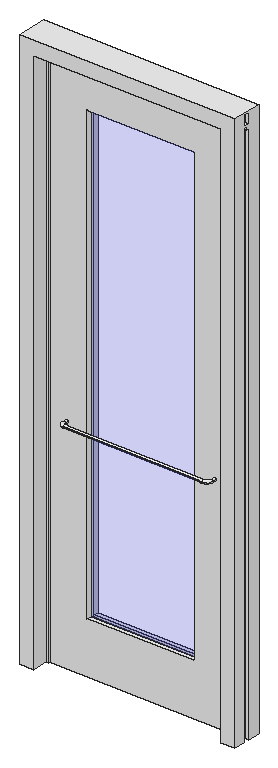
Revit family "kawneer-560_insulclad-sgl_no-tran-fr_20631", category Doors, host Wall, Revit 2015
Parameters
  Water - Static (ASTM E 331) = "product not tested"
  URL = "http://www.kawneer.com/kawneer/north_america/en/product.asp?prod_id=1821"
  Type of Glazing = "insulating"
  Type Comments = "Wide Stile Insulated Swing Door"
  Thermal Transmittance = "< 0.67 BTU/hr/sf/F"
  Sub Category3 = ""
  Sub Category2 = ""
  Sub Category1 = ""
  Sightline = 0"
  Short Description = "Wide Stile Insulated Swing Door"
  Product data url = "https://bimobject.com/kawneerna/product/20617"
  Panel Inserts Material = Glass
  Overall U-Factor = "product not tested"
  Model = "560 Insulclad®"
  Manufacturer Part Number = "560 Insulclad®"
  Manufacturer = "Kawneer"
  Keywords = "Entrance, Door, Swing Door, Thermally Broken Door"
  Hurricane Resistant Tested [instance] = "product not tested"
  Hinging Types = "Offset Pivot, Butt Hinge, Continuous Gear Hinge"
  Height = 84"
  Wall Closure = By host
  Width = 32"
  Glazing Thickness = 0"
  Glass U-Factor = "product not tested"
  Glass Installtion = "outside"
  Glass Capture = "Captured"
  Function (Interior or Exterior) = "Exterior"
  Function = Interior
  Door Panel Width = Width - (2" * 2)  # 28"
  Door Panel Material = Aluminum - ASTM B 221 - 6063-T6 alloy and temper
  Door Panel Height = Height - 2"  # 82"
  Door Opening = Door Panel Width  # 28"
  Door Handle Material = Aluminum - ASTM B 221 - 6063-T6 alloy and temper
  Door Corner Construction = "Welded"
  Design Pressure = "n/a"
  Design Load = "n/a"
  Description = "The \"560 Insulclad\" is a narrow stile entrance door that is thermally broken and features the dual moment corner construction."
  Depth = 2"
  Color = "any"
  Cladding Type = "Aluminum - ASTM B 221 - 6063-T6 alloy and temper"
  CSI Masterformat Code = "08 41 13"
  Assembly Code = "B2030110"
  Application = "moderate traffic, thermal"
  Air Infiltration (ASTM E 283) = "< 0.50 cfm/ft2  @ 6.24 psf (300 Pa), Single Doors,"
  2-Color Option = "yes"
Reference planes
  plane 1 "Centre Wall": y = 0
  plane 2 "Center (Left/Right)": x = 0
  plane 3 "Left": x = -406.4
  plane 4 "Right": x = 406.4
  plane 5: z = 2133.6
  plane 6 "Exterior": y = 75
  plane 7 "Interior": y = -75
  plane 8: x = -355.6
  plane 9: x = 355.6
Forms (mm)
  Sweep 1, solid, material "Aluminum - ASTM B 221 - 6063-T6 alloy and temper" <- "Door Panel Material"
    path origin (0, 0, 0) x (1, 0, 0) y (0, 0, 1)
      loop
        line (406.4, 2133.6) -> (406.4, 0)
    profile "TLFrame : TLFrame" origin (406.4, 0, 1066.8) x (1, 0, 0) y (0, -1, 0)
      loop
        line (-60.8, -6.375) -> (-50.8, -6.375) -> (-50.8, -57.175) -> (0, -57.175) -> (0, -12.125) -> (-17.25, -12.125) -> (-17.25, 12.125) -> (0, 12.125) -> (0, 57.125) -> (-50.8, 57.125) -> (-50.8, -1.375) -> (-60.8, -1.375) -> (-60.8, -6.375)
      loop
        line (-5, -17.125) -> (-22.25, -17.125) -> (-22.25, 17.125) -> (-5, 17.125) -> (-5, 52.125) -> (-45.8, 52.125) -> (-45.8, -52.175) -> (-5, -52.175) -> (-5, -17.125)
  Sweep 2, solid, material "Aluminum - ASTM B 221 - 6063-T6 alloy and temper" <- "Door Panel Material"
    path origin (0, 0, 0) x (1, 0, 0) y (0, 0, 1)
      loop
        line (-406.4, 2133.6) -> (-406.4, 0)
    profile "TLFrame : TLFrame" origin (-406.4, 0, 1066.8) x (1, 0, 0) y (0, -1, 0)
      loop
        line (60.8, -6.375) -> (60.8, -1.375) -> (50.8, -1.375) -> (50.8, 57.125) -> (0, 57.125) -> (0, 12.125) -> (17.25, 12.125) -> (17.25, -12.125) -> (0, -12.125) -> (0, -57.175) -> (50.8, -57.175) -> (50.8, -6.375) -> (60.8, -6.375)
      loop
        line (5, -17.125) -> (5, -52.175) -> (45.8, -52.175) -> (45.8, 52.125) -> (5, 52.125) -> (5, 17.125) -> (22.25, 17.125) -> (22.25, -17.125) -> (5, -17.125)
  Sweep 3, solid, material "Aluminum - ASTM B 221 - 6063-T6 alloy and temper" <- "Door Panel Material"
    path origin (0, 0, 0) x (1, 0, 0) y (0, 0, 1)
      loop
        line (406.4, 2133.6) -> (-406.4, 2133.6)
    profile "TLTopFrame : TLTopFrame" origin (0, 0, 2133.6) x (0, 0, -1) y (0, -1, 0)
      loop
        line (60.8, -6.35) -> (60.8, -1.35) -> (50.8, -1.35) -> (50.8, 57.15) -> (0, 57.15) -> (0, -57.15) -> (50.8, -57.15) -> (50.8, -6.35) -> (60.8, -6.35)
      loop
        line (5, -52.15) -> (45.8, -52.15) -> (45.8, 52.15) -> (5, 52.15) -> (5, -52.15)
Cuts and joins
  joined: Sweep 1, Sweep 2, Sweep 3
Lines and regions (mm)
  Opening 1
    outline origin (-3050, -75, 0) x (1, 0, 0) y (0, 0, 1)
      loop
        line (2643.6, 0) -> (3456.4, 0) -> (3456.4, 2133.6) -> (2643.6, 2133.6) -> (2643.6, 0)
  symbolic lines
    curve 1: line (-355.6, 768.375, 0) -> (-304.8, 768.375, 0)
    curve 2: line (-355.6, 57.175, 0) -> (-355.6, 768.375, 0)
    curve 3: line (-304.8, 57.175, 0) -> (-355.6, 57.175, 0)
    curve 4: line (-304.8, 768.375, 0) -> (-304.8, 57.175, 0)
    curve 5: arc (-304.8, 768.375, 0) -> (166.227, 543.058, 0) -> (357.412, 57.175, 0) r 713.012
Text (mm)
  text "Exterior" at (-2295.016, 1099.543, 0), in view "Ref. Level"
  text "Exterior" at (0, 1615.38, 3698.081), in view "Left"
  text "Exterior" at (0, 1036.032, 3874.932), in view "Right"
Dimensions and locks
  equal spacing: plane 3 "Left", plane 2 "Center (Left/Right)", plane 4 "Right"
  "Width": plane 3 "Left" to plane 4 "Right"
  "Height": plane 5 to host wall
  host wall to plane 5 = 84"  (x2)
  locked: plane 6 "Exterior" to host wall at 0
  locked: plane 7 "Interior" to host wall
  locked: plane 3 "Left" to plane 8 at 50.8
  locked: plane 9 to plane 4 "Right" at 50.8
  "Depth": curve 2 to curve 4
  "Door Panel Width": cut or joined group of Sweep 1, Sweep 2, Sweep 3 to curve 1
  aligned and locked: plane 3 "Left" to Opening 1 sketch curve
  aligned and locked: plane 5 to Opening 1 sketch curve  (x2)
  aligned and locked: Opening 1 sketch curve to plane 4 "Right"
  aligned and locked: Opening 1 sketch curve to level
  aligned and locked: plane 1 "Centre Wall" to host wall
  aligned and locked: plane 5 to Sweep 1 sketch curve
  aligned and locked: level to Sweep 1 sketch curve
  aligned and locked: plane 5 to Sweep 2 sketch curve
  aligned and locked: level to Sweep 2 sketch curve
  aligned and locked: plane 4 "Right" to Sweep 3 sketch curve
  aligned and locked: plane 3 "Left" to Sweep 3 sketch curve
  aligned and locked: nested 1 to plane 2 "Center (Left/Right)"
  aligned and locked: nested 1 to cut or joined group of Sweep 1, Sweep 2, Sweep 3
  aligned and locked: cut or joined group of Sweep 1, Sweep 2, Sweep 3 to curve 3
  aligned and locked: plane 8 to curve 2
  aligned and locked: curve 5 to nested 1
Automatic sketch dimensions
  Sweep 1 sketch curve to plane 4 "Right" = 0"
  Sweep 2 sketch curve to plane 3 "Left" = 0"
  Sweep 3 sketch curve to plane 5 = 0"
  curve 5 to plane 8 = 0"
Nested families
  nested 1: "Kawneer-560_Insulclad-Sgl" at (-310.356, -18.225, 0) x (-1, 0, 0) z (0, 0, 1), type "Kawneer-560_Insulclad-Sgl"
    with Width 28", Height 82", Door Handle Width 22"
Definition of nested family "Kawneer-560_Insulclad-Sgl"
  Parameters
    Width = 32"
    Water - static (ASTM E 331) = ""
    Type of Glazing = ""
    Thermal transmittance = ""
    Sub Category3 = ""
    Sub Category2 = ""
    Sub Category1 = ""
    Short Description = ""
    Performance standards = ""
    Panel Inserts Material = none
    Overall U-Factor = ""
    Mfr Part Num = ""
    Manufacturer = "Kawneer"
    Keywords = ""
    Hurricane Resistant Tested = ""
    Hinging Types = ""
    Height = 84"
    Glass capture = ""
    Glass U-Factor = ""
    Glass Installtion = ""
    Function (Interior or Exterior) = ""
    Door Panel Material = none
    Door Hangle Material = none
    Door Hangle Height = 33 25/256"
    Door Handle Width = Width - (3" * 2)  # 26"
    Door Corner Construction = ""
    Design load = ""
    Design Pressure = ""
    Depth = 2"
    Color = ""
    Cladding Type = ""
    CSI Mastformat Code = ""
    Assembly Code = "B2030110"
    Application = ""
    Air Infiltration (ASTM E 283) = ""
    2-Color Option = ""
  Reference planes
    plane 1 "Center (Front/Back)": y = -50
    plane 2: z = 0
    plane 3 "Center (Left/Right)": x = -310.356
    plane 4: x = -716.756
    plane 5: x = 96.044
    plane 6: y = -24.6
    plane 7: y = -75.4
    plane 8: z = 2133.6
    plane 9: z = 840.68
    plane 10: x = -564.356
    plane 11: x = -56.356
    plane 12: x = -640.556
  Forms (mm)
    Extrusion 1, solid, material <- "Panel Inserts Material"
      sketch origin (0, 0, 0) x (1, 0, 0) y (0, 1, 0)
        loop
          line (-569.317, -44.582) -> (-569.317, -55.418) -> (-51.395, -55.418) -> (-51.395, -44.582) -> (-569.317, -44.582)
      from 191.889 to 1978.661
    Sweep 2, solid, material <- "Door Panel Material"
      path origin (0, -50, 0) x (1, 0, 0) y (0, 0, 1)
        loop
          line (-716.756, 2133.6) -> (-716.756, 0)
      profile "IC560 Side : IC560 Side" origin (-716.756, -50, 1066.8) x (1, 0, 0) y (0, -1, 0)
        loop
          line (122, -20.4) -> (122, 20.439) -> (4.961, 20.439) -> (4.961, -20.4) -> (122, -20.4)
        loop
          line (152.4, 25.4) -> (0, 25.4) -> (0, -25.4) -> (152.4, -25.4) -> (152.4, -5.418) -> (147.439, -5.418) -> (147.439, -20.4) -> (127, -20.4) -> (127, 20.4) -> (147.439, 20.4) -> (147.439, 5.418) -> (152.4, 5.418) -> (152.4, 25.4)
    Sweep 3, solid, material <- "Door Panel Material"
      path origin (0, -50, 0) x (1, 0, 0) y (0, 0, 1)
        loop
          line (96.044, 2133.6) -> (96.044, 0)
      profile "IC560 Side : IC560 Side" origin (96.044, -50, 1066.8) x (1, 0, 0) y (0, -1, 0)
        loop
          line (-122, 20.4) -> (-122, -20.439) -> (-4.961, -20.439) -> (-4.961, 20.4) -> (-122, 20.4)
        loop
          line (-152.4, -25.4) -> (0, -25.4) -> (0, 25.4) -> (-152.4, 25.4) -> (-152.4, 5.418) -> (-147.439, 5.418) -> (-147.439, 20.4) -> (-127, 20.4) -> (-127, -20.4) -> (-147.439, -20.4) -> (-147.439, -5.418) -> (-152.4, -5.418) -> (-152.4, -25.4)
    Sweep 4, solid, material <- "Door Panel Material"
      path origin (0, -50, 0) x (1, 0, 0) y (0, 0, 1)
        loop
          line (-564.356, 2133.6) -> (-56.356, 2133.6)
      profile "IC560 Top : IC560 Top" origin (-310.356, -50, 2133.6) x (0, 0, 1) y (0, -1, 0)
        loop
          line (-122, 20.4) -> (-122, -20.439) -> (-15, -20.439) -> (-15, 20.4) -> (-122, 20.4)
        loop
          line (-127, -20.4) -> (-154.939, -20.4) -> (-154.939, -5.418) -> (-159.9, -5.418) -> (-159.9, -25.4) -> (0, -25.4) -> (0, -20.4) -> (-10, -20.4) -> (-10, 20.4) -> (0, 20.4) -> (0, 25.4) -> (-159.9, 25.4) -> (-159.9, 5.418) -> (-154.939, 5.418) -> (-154.939, 20.4) -> (-127, 20.4) -> (-127, -20.4)
    Sweep 5, solid, material <- "Door Panel Material"
      path origin (0, -50, 0) x (1, 0, 0) y (0, 0, 1)
        loop
          line (-564.356, 0) -> (-56.356, 0)
      profile "IC560 Bottom : IC560 Bottom" origin (-310.356, -50, 0) x (0, 0, 1) y (0, -1, 0)
        loop
          line (158.95, -20.4) -> (158.95, 20.439) -> (15, 20.439) -> (15, -20.4) -> (158.95, -20.4)
        loop
          line (163.95, 20.4) -> (191.889, 20.4) -> (191.889, 5.418) -> (196.85, 5.418) -> (196.85, 25.4) -> (0, 25.4) -> (0, 20.4) -> (10, 20.4) -> (10, -20.4) -> (0, -20.4) -> (0, -25.4) -> (196.85, -25.4) -> (196.85, -5.418) -> (191.889, -5.418) -> (191.889, -20.4) -> (163.95, -20.4) -> (163.95, 20.4)
  Cuts and joins
    joined: Sweep 2, Sweep 3, Sweep 4, Sweep 5
  Dimensions and locks
    equal spacing: plane 4, plane 3 "Center (Left/Right)", plane 5
    equal spacing: plane 6, plane 1 "Center (Front/Back)", plane 7
    "Depth": plane 6 to plane 7
    "Width": plane 4 to plane 5
    "Height": plane 8 to level
    "Door Hangle Height": plane 9 to level
    locked: plane 4 to plane 10 at 152.4
    locked: plane 11 to plane 5 at 152.4
    locked: plane 4 to plane 12 at 76.2
    aligned and locked: plane 7 to nested 1
    aligned and locked: plane 9 to nested 1
    aligned and locked: nested 2 to plane 6
    aligned and locked: nested 2 to plane 9
    aligned and locked: plane 12 to nested 1
    aligned and locked: plane 8 to Sweep 2 sketch curve
    aligned and locked: level to Sweep 2 sketch curve
    aligned and locked: plane 8 to Sweep 3 sketch curve
    aligned and locked: level to Sweep 3 sketch curve
    aligned and locked: plane 10 to Sweep 4 sketch curve
    aligned and locked: plane 11 to Sweep 4 sketch curve
    aligned and locked: cut or joined group of Sweep 2, Sweep 3, Sweep 4, Sweep 5 to Extrusion 1
    aligned and locked: plane 10 to Sweep 5 sketch curve
    aligned and locked: plane 11 to Sweep 5 sketch curve
    aligned and locked: Sweep 5 to Extrusion 1
  Automatic sketch dimensions
    Extrusion 1 sketch curve to plane 10 = 25/128"
    plane 1 "Center (Front/Back)" to Extrusion 1 sketch curve = 0.21331"
    Extrusion 1 sketch curve to plane 1 "Center (Front/Back)" = 0.21331"
    Extrusion 1 sketch curve to plane 11 = 25/128"
    Sweep 2 sketch curve to plane 4 = 0"
    Sweep 3 sketch curve to plane 5 = 0"
    Sweep 4 sketch curve to plane 8 = 0"
    Sweep 5 sketch curve to level = 0"
  Nested families
    nested 1: "Style CO 9 Pull" at (-678.591, -75.4, 612.08), type "Style CO 9 Pull"
    nested 2: "Style CP II Push Bar" at (-260.356, -24.6, 840.68), type "Style CP II Push Bar"
      with Width 26"
  Definition of nested family "Style CO 9 Pull"
    Parameters
      Width = 1.1811"
      Height = 9"
      Hangle Material = none
      Depth = 1.1811"
    Reference planes
      plane 1 "Center (Front/Back)": y = 0
      plane 2: z = 0
      plane 3 "Center (Left/Right)": x = 53.034
      plane 4: y = -30
      plane 5: x = 38.034
      plane 6: x = 68.034
      plane 7: x = 46.034
      plane 8 "Top": z = 228.6
      plane 9: x = 60.034
      plane 10: z = 220.6
      plane 11: z = 8
    Forms (mm)
      Sweep 1, solid, material <- "Hangle Material"
        path origin (0, 0, 0) x (1, 0, 0) y (0, 1, 0)
          loop
            line (38.034, 0) -> (38.034, -23)
            arc (38.034, -23) -> (40.085, -27.95) -> (45.034, -30) r 7
            line (45.034, -30) -> (60.034, -30)
        profile origin (38.034, -11.5, 0) x (1, 0, 0) y (0, 0, 1)
          loop
            circle (0, 0) r 5
      Sweep 2, solid, material <- "Hangle Material"
        path origin (0, 0, 228.6) x (-1, 0, 0) y (0, -1, 0)
          loop
            line (-38.034, 0) -> (-38.034, 23)
            arc (-38.034, 23) -> (-40.085, 27.95) -> (-45.034, 30) r 7
            line (-45.034, 30) -> (-60.034, 30)
        profile origin (38.034, -11.5, 228.6) x (1, 0, 0) y (0, 0, 1)
          loop
            circle (0, 0) r 5
      Sweep 3, solid, material <- "Hangle Material"
        path origin (-1540.712, -30, 1200) x (-1, 0, 0) y (0, 0, 1)
          loop
            arc (-1600.747, -1200) -> (-1606.404, -1197.657) -> (-1608.747, -1192) r 8
            line (-1608.747, -1192) -> (-1608.747, -979.4)
            arc (-1608.747, -979.4) -> (-1606.404, -973.743) -> (-1600.747, -971.4) r 8
        profile origin (68.034, -30, 114.3) x (1, 0, 0) y (0, 1, 0)
          loop
            circle (0, 0) r 5
    Cuts and joins
      joined: Sweep 1, Sweep 2, Sweep 3
    Dimensions and locks
      "Depth": plane 4 to plane 1 "Center (Front/Back)"
      equal spacing: plane 5, plane 3 "Center (Left/Right)", plane 6
      locked: plane 5 to plane 7 at 8
      "Width": plane 5 to plane 6
      "Height": plane 8 "Top" to level
      locked: plane 9 to plane 6 at 8
      locked: level to plane 11 at 8
      locked: plane 10 to plane 8 "Top" at 8
      aligned and locked: Sweep 1 sketch curve to plane 5
      aligned and locked: Sweep 1 sketch curve to plane 4
      aligned and locked: plane 1 "Center (Front/Back)" to Sweep 1 sketch curve
      aligned and locked: plane 9 to Sweep 1 sketch curve
      aligned and locked: Sweep 2 sketch curve to plane 5
      aligned and locked: Sweep 2 sketch curve to plane 4
      aligned and locked: plane 1 "Center (Front/Back)" to Sweep 2 sketch curve
      aligned and locked: plane 9 to Sweep 2 sketch curve
      aligned and locked: plane 6 to Sweep 3 sketch curve  (x2)
      aligned and locked: plane 10 to Sweep 3 sketch curve
      aligned and locked: plane 11 to Sweep 3 sketch curve
      aligned and locked: plane 9 to Sweep 3 sketch curve  (x2)
      aligned and locked: plane 8 "Top" to Sweep 3 sketch curve
      aligned and locked: level to Sweep 3 sketch curve
      aligned and locked: plane 4 to Sweep 3 sketch curve
    Automatic sketch dimensions
      Sweep 1 sketch curve to plane 7 = 0.03937"
      Sweep 1 sketch curve to level = 0"
      Sweep 1 sketch curve to profile plane = 0"
      Sweep 2 sketch curve to plane 7 = 0.03937"
      Sweep 2 sketch curve to plane 8 "Top" = 0"
      Sweep 2 sketch curve to profile plane = 0"
      radius of Sweep 1 sketch curve = 0.19685"
      radius of Sweep 2 sketch curve = 0.19685"
      radius of Sweep 3 sketch curve = 0.19685"
  Definition of nested family "Style CP II Push Bar"
    Parameters
      Width = 28"
      Hangle Material = none
      Depth = 1.1811"
    Reference planes
      plane 1 "Center (Front/Back)": y = 0
      plane 2: z = 0
      plane 3 "Center (Left/Right)": x = -50
      plane 4: x = -405.6
      plane 5: x = 305.6
      plane 6: y = -30
      plane 7: z = 0
    Forms (mm)
      Sweep 1, solid, material <- "Hangle Material"
        path origin (0, 0, 0) x (1, 0, 0) y (0, 1, 0)
          loop
            line (-405.6, 0) -> (-405.6, -15)
            arc (-405.6, -15) -> (-401.207, -25.607) -> (-390.6, -30) r 15
            line (-390.6, -30) -> (290.6, -30)
            arc (290.6, -30) -> (301.207, -25.607) -> (305.6, -15) r 15
            line (305.6, -15) -> (305.6, 0)
        profile origin (-50, -30, 0) x (0, 1, 0) y (0, 0, 1)
          loop
            circle (0, 0) r 5
    Dimensions and locks
      "Depth": plane 6 to plane 1 "Center (Front/Back)"
      equal spacing: plane 4, plane 3 "Center (Left/Right)", plane 5
      "Width": plane 4 to plane 5
      aligned and locked: Sweep 1 sketch curve to plane 5
      aligned and locked: plane 1 "Center (Front/Back)" to Sweep 1 sketch curve  (x2)
      aligned and locked: Sweep 1 sketch curve to plane 4
      aligned and locked: level to plane 7
    Automatic sketch dimensions
      Sweep 1 sketch curve to level = 0"
      Sweep 1 sketch curve to profile plane = 0"
      Sweep 1 sketch curve to plane 6 = 0"
      plane 4 to Sweep 1 sketch curve = 0.59055"
      plane 1 "Center (Front/Back)" to Sweep 1 sketch curve = 0.59055"
      radius of Sweep 1 sketch curve = 0.19685"
